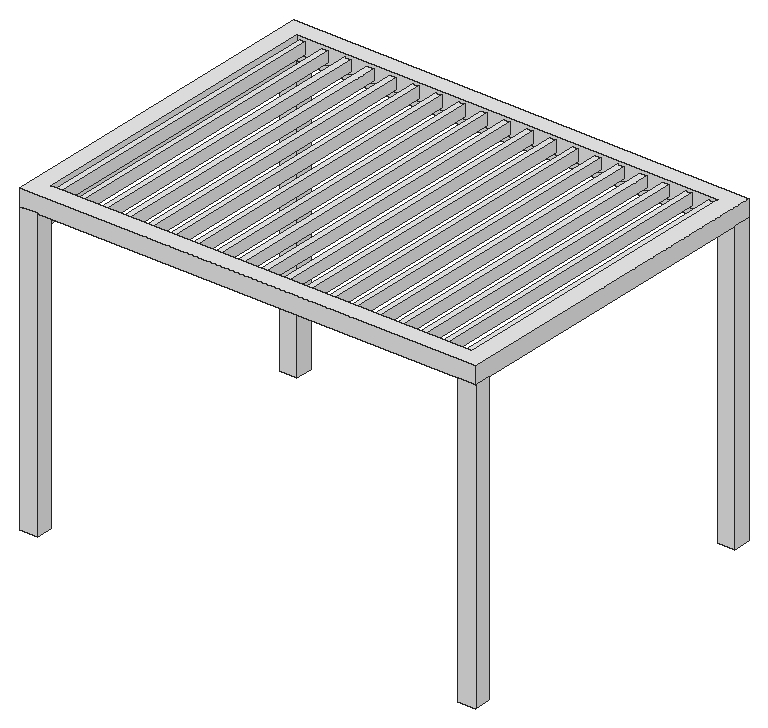
Revit family "L-FUR_퍼걸러_YP-595_예건", category 일반 모델, Revit 2019
Family settings
  보강 철근 호스트 가능 = 아니오
  원형 커넥터 치수 = 지름 사용
  부품 유형 = 보통
  작업 기준면 기반 = 아니오
  항상 수직 = 예
  로드될 때 보이드를 사용하여 절단 = 아니오
  공유 = 아니오
  룸 계산 점 = 아니오
Parameters
  한국산업규격KS = ""
  조달청표준공사코드-세부공종 = ""
  건설정보분류체계-부위분류 = "E94135"
  LIM_INFO_주의사항 = "재배포, 재가공, 판매 금지"
  LIM_INFO_제품업체 = "예건"
  LIM_INFO_제품번호 = "YF-16"
  LIM_INFO_제품명 = "펜스_YF-16"
  LIM_INFO_제작일 = "2021.12."
  LIM_INFO_재료 = "Hardwood, STL-pipe, STL-plate"
  LIM_INFO_업체정보 = ""
  LIM_INFO_업체URL = "https://yekun.com/"
  LIM_INFO_업체TEL = "(+82)31-943-6114"
  LIM_INFO_업체EMAIL = "yekun@yekun.com"
  LIM_INFO_버전 = "2022_V01"
  LIM_INFO_기타정보 = ""
  LIM_INFO_규격 = "W2000 x H1800"
  LIM_INFO_가격 = 0
  LIM_INFO_PV_포장재여부 = yes
  LIM_INFO_PV_면적 = 0.00 m²
  KBIMS_식별-버전 = ""
  KBIMS_식별-bSK등록번호 = ""
  KBIMS_보급정보-저작자 = "림인포테크_MMJ"
  KBIMS_보급정보-보급코드 = ""
Reference planes
  plane 1 "중심(앞/뒤)": y = 0
  plane 2: z = 0
  plane 3 "중심(왼쪽/오른쪽)": x = 0
Dimensions and locks
  aligned and locked: level to plane 2
Nested families
  nested 1: "YP-595_base" at (0, 0, 0), type "YP-595_base"
Definition of nested family "YP-595_base"
  Reference planes
    plane 1 "중심(앞/뒤)": y = 0
    plane 2: z = 0
    plane 3 "중심(왼쪽/오른쪽)": x = 0
  Forms (mm)
    Extrusion 1, solid, detail levels fine
      sketch origin (0, 0, 0) x (1, 0, 0) y (0, 1, 0)
        loop
          line (0, 3000) -> (0, 2850) -> (150, 2850) -> (150, 3000) -> (0, 3000)
        loop
          line (3850, 3000) -> (3850, 2850) -> (4000, 2850) -> (4000, 3000) -> (3850, 3000)
        loop
          line (3850, 150) -> (3850, 0) -> (4000, 0) -> (4000, 150) -> (3850, 150)
        loop
          line (0, 150) -> (0, 0) -> (150, 0) -> (150, 150) -> (0, 150)
      from 0 to 2550
    Extrusion 2, solid, detail levels fine
      sketch origin (0, 0, 0) x (1, 0, 0) y (0, 1, 0)
        loop
          line (0, 3000) -> (0, 0) -> (4000, 0) -> (4000, 3000) -> (0, 3000)
        loop
          line (150, 150) -> (3850, 150) -> (3850, 2850) -> (150, 2850) -> (150, 150)
      from 2550 to 2700
    Extrusion 3, solid, detail levels fine
      sketch origin (-12750, -3377.921, 0) x (1, 0, 0) y (0, 1, 0)
        loop
          line (12924.699, 3527.921) -> (12974.699, 3527.921) -> (12974.699, 6227.921) -> (12924.699, 6227.921) -> (12924.699, 3527.921)
        loop
          line (13174.699, 6227.921) -> (13124.699, 6227.921) -> (13124.699, 3527.921) -> (13174.699, 3527.921) -> (13174.699, 6227.921)
        loop
          line (13374.699, 6227.921) -> (13324.699, 6227.921) -> (13324.699, 3527.921) -> (13374.699, 3527.921) -> (13374.699, 6227.921)
        loop
          line (13574.699, 6227.921) -> (13524.699, 6227.921) -> (13524.699, 3527.921) -> (13574.699, 3527.921) -> (13574.699, 6227.921)
        loop
          line (13724.699, 3527.921) -> (13774.699, 3527.921) -> (13774.699, 6227.921) -> (13724.699, 6227.921) -> (13724.699, 3527.921)
        loop
          line (13924.699, 3527.921) -> (13974.699, 3527.921) -> (13974.699, 6227.921) -> (13924.699, 6227.921) -> (13924.699, 3527.921)
        loop
          line (14174.699, 6227.921) -> (14124.699, 6227.921) -> (14124.699, 3527.921) -> (14174.699, 3527.921) -> (14174.699, 6227.921)
        loop
          line (14374.699, 6227.921) -> (14324.699, 6227.921) -> (14324.699, 3527.921) -> (14374.699, 3527.921) -> (14374.699, 6227.921)
        loop
          line (14574.699, 6227.921) -> (14524.699, 6227.921) -> (14524.699, 3527.921) -> (14574.699, 3527.921) -> (14574.699, 6227.921)
        loop
          line (14774.699, 6227.921) -> (14724.699, 6227.921) -> (14724.699, 3527.921) -> (14774.699, 3527.921) -> (14774.699, 6227.921)
        loop
          line (14974.699, 6227.921) -> (14924.699, 6227.921) -> (14924.699, 3527.921) -> (14974.699, 3527.921) -> (14974.699, 6227.921)
        loop
          line (15174.699, 6227.921) -> (15124.699, 6227.921) -> (15124.699, 3527.921) -> (15174.699, 3527.921) -> (15174.699, 6227.921)
        loop
          line (15324.699, 3527.921) -> (15374.699, 3527.921) -> (15374.699, 6227.921) -> (15324.699, 6227.921) -> (15324.699, 3527.921)
        loop
          line (15574.699, 6227.921) -> (15524.699, 6227.921) -> (15524.699, 3527.921) -> (15574.699, 3527.921) -> (15574.699, 6227.921)
        loop
          line (15724.699, 3527.921) -> (15774.699, 3527.921) -> (15774.699, 6227.921) -> (15724.699, 6227.921) -> (15724.699, 3527.921)
        loop
          line (15974.699, 6227.921) -> (15924.699, 6227.921) -> (15924.699, 3527.921) -> (15974.699, 3527.921) -> (15974.699, 6227.921)
        loop
          line (16174.699, 6227.921) -> (16124.699, 6227.921) -> (16124.699, 3527.921) -> (16174.699, 3527.921) -> (16174.699, 6227.921)
        loop
          line (16324.699, 3527.921) -> (16374.699, 3527.921) -> (16374.699, 6227.921) -> (16324.699, 6227.921) -> (16324.699, 3527.921)
        loop
          line (16574.699, 6227.921) -> (16524.699, 6227.921) -> (16524.699, 3527.921) -> (16574.699, 3527.921) -> (16574.699, 6227.921)
      from 2575 to 2675
    Extrusion 4, solid, detail levels fine
      sketch origin (0, 0, 0) x (1, 0, 0) y (0, 1, 0)
        loop
          line (150, 2850) -> (75, 2850) -> (75, 150) -> (150, 150) -> (150, 2850)
      from 2400 to 2550
    Extrusion 5, solid, detail levels fine
      sketch origin (0, 0, 0) x (1, 0, 0) y (0, 1, 0)
        loop
          line (3850, 150) -> (150, 150) -> (150, 100) -> (3850, 100) -> (3850, 150)
      from 2500 to 2550
    Extrusion 6, solid, detail levels fine
      sketch origin (0, 0, 0) x (1, 0, 0) y (0, 1, 0)
        loop
          line (3850, 2850) -> (3850, 150) -> (3900, 150) -> (3900, 2850) -> (3850, 2850)
      from 2500 to 2550
    Extrusion 7, solid, detail levels fine
      sketch origin (0, 0, 0) x (1, 0, 0) y (0, 1, 0)
        loop
          line (3850, 2850) -> (3850, 2900) -> (150, 2900) -> (150, 2850) -> (3850, 2850)
      from 2500 to 2550
    Extrusion 8, solid, detail levels coarse+medium
      sketch origin (0, 0, 0) x (1, 0, 0) y (0, 1, 0)
        loop
          line (0, 3000) -> (0, 2850) -> (150, 2850) -> (150, 3000) -> (0, 3000)
        loop
          line (3850, 3000) -> (3850, 2850) -> (4000, 2850) -> (4000, 3000) -> (3850, 3000)
        loop
          line (3850, 150) -> (3850, 0) -> (4000, 0) -> (4000, 150) -> (3850, 150)
        loop
          line (0, 150) -> (0, 0) -> (150, 0) -> (150, 150) -> (0, 150)
      from 0 to 2550
    Extrusion 9, solid, detail levels coarse+medium
      sketch origin (0, 0, 0) x (1, 0, 0) y (0, 1, 0)
        loop
          line (0, 3000) -> (0, 0) -> (4000, 0) -> (4000, 3000) -> (0, 3000)
        loop
          line (150, 150) -> (3850, 150) -> (3850, 2850) -> (150, 2850) -> (150, 150)
      from 2550 to 2700
    Extrusion 10, solid, detail levels coarse+medium
      sketch origin (-6000, 0, 0) x (1, 0, 0) y (0, 1, 0)
        loop
          line (6150, 2850) -> (6150, 150) -> (9850, 150) -> (9850, 2850) -> (6150, 2850)
      from 2575 to 2675
  Dimensions and locks
    aligned and locked: level to plane 2
